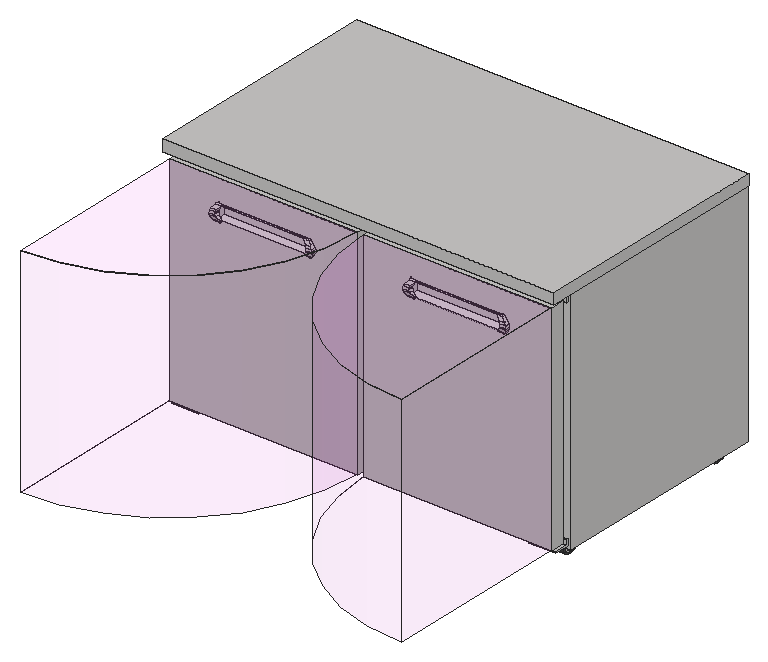
Revit family "Qf_Kelvinator_738336_KCHUC48F-32_2-Door_Under_Counter_Freezer_48_Long_32.5_Tall", category Specialty Equipment, Revit 2021
Family settings
  Round Connector Dimension = Use Diameter
  Part Type = Normal
  Work Plane-Based = No
  Always vertical = Yes
  Cut with Voids When Loaded = No
  Shared = No
  Room Calculation Point = No
Parameters
  Weight in Pounds = 222.667
  Watts = if(Phase = 3, Volts * FL Amps * 1.73, Volts * FL Amps)  # 460 W
  Volts = 115 V
  URL Cutsheet = ""
  Specification by User = ""
  Specification by Manufacturer = ""
  Show Clearance [instance] = yes
  Serial Number = ""
  Seismic Rating = ""
  SMACNA No = ""
  Revision Code = ""
  Refrigerant Type = "R290"
  Phase = 1
  Number of Poles = 1
  NAFEM Spec ID Number = ""
  Model = "738336 (KCHUC48F-32)"
  Min Ckt Ampacity = 0 A
  Max Overcurrent Protection = 0 A
  Masterspec = ""
  Manufacturer = "Kelvinator Commercial"
  Length = 48 1/4"
  Item Number = "738336"
  Installed By = ""
  Identify Quantity as Lot = yes
  Height = 32 1/16"
  HP = "1/3"
  Furnished By = ""
  Foodservice Equipment Identifier = yes
  FL Amps = 4 A
  Electrical Remarks = ""
  Electric Connection Type = ""
  Elec Conn RI Height = 0"
  Elec Conn Connection Height = 0"
  Description = "2-Door Under Counter Freezer 48\" Long 32.5\" Tall"
  Depth = 29 15/16"
  Default Elevation = 0"
  Cycle = 60 Hz
  Conn Plug = "5-15P"
  Conn Conduit = yes
  CSI MasterFormat = ""
  Apparent Power = if(Phase = 3, Volts * FL Amps * 1.73, Volts * FL Amps)  # 460 VA
Reference planes (in)
  plane 1 "BACK": y = 0
  plane 2: z = 0
  plane 3 "LEFT": x = 0
  plane 4 "RIGHT": x = 48.25
  plane 5 "FRONT": y = -29.9375
  plane 6 "TOP": z = 32.0625
  plane 7 "Center Y": x = 24.125
  plane 8 "Center X": y = -14.96875
  plane 9 "Base Height": z = 2.3622
  plane 10: x = 43.91929
  plane 11: x = 48.25
  plane 12: y = -29.9375
  plane 13: z = 32.0625
Forms (in)
  Extrusion 1, solid, material "QF_Metal - Stainless - Polished"
    sketch origin (0, 0, 32.0625) x (-1, 0, 0) y (0, -1, 0)
      loop
        line (0, 0) -> (0, 29.9375) -> (-48.25, 29.9375) -> (-48.25, 0) -> (0, 0)
    from 0 to -1.37795
  Extrusion 2, solid, material "QF_Metal - Stainless - Polished"
    sketch origin (48.25, 0, 32.0625) x (0, -1, 0) y (0, 0, -1)
      loop
        line (0, 1.37795) -> (27.19734, 1.37795) -> (27.19734, 29.72441) -> (11.81102, 29.72441) -> (11.81102, 20.19685) -> (0, 20.19685) -> (0, 1.37795)
    from -2.30315 to -45.9252
  Extrusion 3, solid, material "QF_Metal - Stainless - Polished"
    sketch origin (0, 0, 0) x (1, 0, 0) y (0, 0, 1)
      loop
        line (2.3248, 2.3622) -> (2.3248, 30.68455) -> (0.09843, 30.68455) -> (0.09843, 2.3622) -> (2.3248, 2.3622)
      loop
        line (48.15157, 30.68455) -> (45.94685, 30.68455) -> (45.94685, 2.3622) -> (48.15157, 2.3622) -> (48.15157, 30.68455)
    from 0 to 27.1811
  Extrusion 4, solid, material "QF_Metal - Stainless - Polished"
    sketch origin (0, 0, 0) x (0, 1, 0) y (0, 0, 1)
      loop
        arc (-27.19734, 30.18848) -> (-27.255, 30.32768) -> (-27.39419, 30.38533) r 0.19685
        line (-27.39419, 30.38533) -> (-29.10285, 30.38533) -> (-29.10285, 30.26722) -> (-27.31545, 30.26722) -> (-27.31545, 29.6373) -> (-27.19734, 29.6373) -> (-27.19734, 30.18848)
    from 0.45276 to 3.75984
  Extrusion 5, solid, material "QF_Metal - Stainless - Polished"
    sketch origin (0, -27.1811, 0) x (1, 0, 0) y (0, 0, 1)
      loop
        line (23.74213, 29.93652) -> (0.61024, 29.93652) -> (0.61024, 3.16929) -> (23.74213, 3.16929) -> (23.74213, 29.93652)
      loop
        line (24.52953, 29.93652) -> (24.52953, 3.16929) -> (47.63976, 3.16929) -> (47.63976, 29.93652) -> (24.52953, 29.93652)
    from 0.61024 to 2.3937
  Revolve 6, solid, material "QF_Metal - Stainless - Polished"
    sketch origin (1.20079, -180, 31.37695) x (0, 0, 1) y (0, -1, 0)
      loop
        line (-1.44043, -151.30069) -> (-1.44043, -151.43848) -> (-0.99161, -151.43848)
        arc (-0.99161, -151.43848) -> (-0.95643, -151.42391) -> (-0.94186, -151.38873) r 0.04975
        line (-0.94186, -151.38873) -> (-0.94186, -151.30069) -> (-1.44043, -151.30069)
      axis (-0.94186, -151.30069) -> (-1.44043, -151.30069)
    angle from 0 to 360
  Extrusion 7, solid, material "QF_Metal - Stainless - Polished"
    sketch origin (48.22835, 0, 0) x (0, 1, 0) y (0, 0, -1)
      loop
        line (-27.19734, -30.18848) -> (-27.19734, -29.6373) -> (-27.31545, -29.6373) -> (-27.31545, -30.26722) -> (-29.10285, -30.26722) -> (-29.10285, -30.38533) -> (-27.39419, -30.38533)
        arc (-27.39419, -30.38533) -> (-27.255, -30.32768) -> (-27.19734, -30.18848) r 0.19685
    from 0.45276 to 3.75984
  Revolve 8, solid, material "QF_Metal - Stainless - Polished"
    sketch origin (47.02756, -180, 31.37695) x (0, 0, 1) y (0, 1, 0)
      loop
        line (-1.44043, 151.30069) -> (-0.94186, 151.30069) -> (-0.94186, 151.38873)
        arc (-0.94186, 151.38873) -> (-0.95643, 151.42391) -> (-0.99161, 151.43848) r 0.04975
        line (-0.99161, 151.43848) -> (-1.44043, 151.43848) -> (-1.44043, 151.30069)
      axis (-0.94186, 151.30069) -> (-1.44043, 151.30069)
    angle from 0 to 360
  Extrusion 9, solid, material "QF_Metal - Stainless - Polished"
    sketch origin (0, 0, 33.12992) x (0, 1, 0) y (0, 0, 1)
      loop
        line (-27.19734, -30.2126) -> (-27.19734, -29.66142) -> (-27.31545, -29.66142) -> (-27.31545, -30.29134) -> (-29.10285, -30.29134) -> (-29.10285, -30.40945) -> (-27.39419, -30.40945)
        arc (-27.39419, -30.40945) -> (-27.255, -30.35179) -> (-27.19734, -30.2126) r 0.19685
    from 0.45276 to 3.75984
  Revolve 10, solid, material "QF_Metal - Stainless - Polished"
    sketch origin (1.20079, -180, 1.75298) x (0, 0, -1) y (0, 1, 0)
      loop
        line (-1.41632, 151.30069) -> (-0.91774, 151.30069) -> (-0.91774, 151.38873)
        arc (-0.91774, 151.38873) -> (-0.93232, 151.42391) -> (-0.9675, 151.43848) r 0.04975
        line (-0.9675, 151.43848) -> (-1.41632, 151.43848) -> (-1.41632, 151.30069)
      axis (-0.91774, 151.30069) -> (-1.41632, 151.30069)
    angle from 0 to 360
  Extrusion 11, solid, material "QF_Metal - Stainless - Polished"
    sketch origin (48.22835, 0, 33.12992) x (0, 1, 0) y (0, 0, -1)
      loop
        arc (-27.19734, 30.2126) -> (-27.255, 30.35179) -> (-27.39419, 30.40945) r 0.19685
        line (-27.39419, 30.40945) -> (-29.10285, 30.40945) -> (-29.10285, 30.29134) -> (-27.31545, 30.29134) -> (-27.31545, 29.66142) -> (-27.19734, 29.66142) -> (-27.19734, 30.2126)
    from 0.45276 to 3.75984
  Revolve 12, solid, material "QF_Metal - Stainless - Polished"
    sketch origin (47.02756, -180, 1.75298) x (0, 0, -1) y (0, -1, 0)
      loop
        line (-1.41632, -151.30069) -> (-1.41632, -151.43848) -> (-0.9675, -151.43848)
        arc (-0.9675, -151.43848) -> (-0.93232, -151.42391) -> (-0.91774, -151.38873) r 0.04975
        line (-0.91774, -151.38873) -> (-0.91774, -151.30069) -> (-1.41632, -151.30069)
      axis (-0.91774, -151.30069) -> (-1.41632, -151.30069)
    angle from 0 to 360
  Extrusion 13, void
    sketch origin (0.61024, -27.1811, 3.16929) x (0, 0, 1) y (0, 1, 0)
      loop
        line (24.02707, -2.3937) -> (24.64805, -2.10413) -> (24.64805, -1.51358) -> (22.3486, -1.51358) -> (22.11277, -2.3937) -> (22.11277, -2.89858) -> (24.02707, -2.89858) -> (24.02707, -2.3937)
    from -5.95737 to -17.20361
  Extrusion 14, solid, material "QF_Metal - Stainless - Polished"
    sketch origin (0.61024, -27.1811, 3.16929) x (0, 0, 1) y (0, 1, 0)
      loop
        arc (23.19749, -2.88583) -> (23.3123, -2.87427) -> (23.4225, -2.84005) r 0.57588
        line (23.4225, -2.84005) -> (23.98155, -2.60275)
        arc (23.98155, -2.60275) -> (24.01481, -2.5711) -> (24.02707, -2.52684) r 0.08605
        line (24.02707, -2.52684) -> (24.02707, -2.3937) -> (22.05856, -2.3937) -> (22.05856, -2.52684)
        arc (22.05856, -2.52684) -> (22.07082, -2.5711) -> (22.10408, -2.60275) r 0.08605
        line (22.10408, -2.60275) -> (22.66311, -2.84004)
        arc (22.66311, -2.84004) -> (22.77333, -2.87426) -> (22.88816, -2.88583) r 0.57598
        line (22.88816, -2.88583) -> (23.19749, -2.88583)
    from -5.01972 to -18.08409
  Extrusion 15, void
    sketch origin (0, -29.5748, 0) x (1, 0, 0) y (0, 0, 1)
      loop
        arc (6.17507, 25.27474) -> (6.21236, 25.24033) -> (6.26155, 25.22785) r 0.10321
        line (6.26155, 25.22785) -> (6.99338, 25.22785)
        arc (6.99338, 25.22785) -> (7.02283, 25.24539) -> (7.02145, 25.27963) r 0.0335
        line (7.02145, 25.27963) -> (6.65868, 25.83666)
        arc (6.65868, 25.83666) -> (6.59086, 25.98342) -> (6.56761, 26.14341) r 0.5621
        line (6.56761, 26.14341) -> (6.56761, 26.26603)
        arc (6.56761, 26.26603) -> (6.5829, 26.36539) -> (6.62737, 26.45557) r 0.33045
        line (6.62737, 26.45557) -> (7.04008, 27.04498)
        arc (7.04008, 27.04498) -> (7.11044, 27.10668) -> (7.20133, 27.12892) r 0.19685
        line (7.20133, 27.12892) -> (17.16826, 27.12892)
        arc (17.16826, 27.12892) -> (17.25915, 27.10668) -> (17.32951, 27.04498) r 0.19685
        line (17.32951, 27.04498) -> (17.74222, 26.45557)
        arc (17.74222, 26.45557) -> (17.78669, 26.36539) -> (17.80198, 26.26603) r 0.33045
        line (17.80198, 26.26603) -> (17.80198, 26.14341)
        arc (17.80198, 26.14341) -> (17.77873, 25.98342) -> (17.7109, 25.83666) r 0.5621
        line (17.7109, 25.83666) -> (17.34814, 25.27963)
        arc (17.34814, 25.27963) -> (17.34676, 25.24539) -> (17.37621, 25.22785) r 0.0335
        line (17.37621, 25.22785) -> (18.10804, 25.22785)
        arc (18.10804, 25.22785) -> (18.15722, 25.24033) -> (18.19452, 25.27474) r 0.10321
        line (18.19452, 25.27474) -> (18.4867, 25.7234)
        arc (18.4867, 25.7234) -> (18.53653, 25.83769) -> (18.54635, 25.96198) r 0.37698
        line (18.54635, 25.96198) -> (18.523, 26.22889)
        arc (18.523, 26.22889) -> (18.50292, 26.31948) -> (18.46007, 26.40178) r 0.35543
        line (18.46007, 26.40178) -> (17.95978, 27.11628)
        arc (17.95978, 27.11628) -> (17.89266, 27.17514) -> (17.80594, 27.19636) r 0.1878
        line (17.80594, 27.19636) -> (6.56365, 27.19636)
        arc (6.56365, 27.19636) -> (6.47693, 27.17514) -> (6.40981, 27.11627) r 0.1878
        line (6.40981, 27.11627) -> (5.90952, 26.40178)
        arc (5.90952, 26.40178) -> (5.86667, 26.31948) -> (5.84659, 26.22889) r 0.35543
        line (5.84659, 26.22889) -> (5.82324, 25.96198)
        arc (5.82324, 25.96198) -> (5.83306, 25.83769) -> (5.88288, 25.7234) r 0.37698
        line (5.88288, 25.7234) -> (6.17507, 25.27474)
      loop
        line (5.45539, 27.68437) -> (5.45539, 24.80641) -> (18.89697, 24.80641) -> (18.89697, 27.68437) -> (5.45539, 27.68437)
      loop
        line (42.07493, 25.27474) -> (42.36712, 25.7234)
        arc (42.36712, 25.7234) -> (42.41694, 25.83769) -> (42.42676, 25.96198) r 0.37698
        line (42.42676, 25.96198) -> (42.40341, 26.22889)
        arc (42.40341, 26.22889) -> (42.38333, 26.31948) -> (42.34048, 26.40178) r 0.35543
        line (42.34048, 26.40178) -> (41.84019, 27.11627)
        arc (41.84019, 27.11627) -> (41.77307, 27.17514) -> (41.68635, 27.19636) r 0.1878
        line (41.68635, 27.19636) -> (30.46571, 27.19636)
        arc (30.46571, 27.19636) -> (30.379, 27.17514) -> (30.31188, 27.11628) r 0.1878
        line (30.31188, 27.11628) -> (29.81158, 26.40178)
        arc (29.81158, 26.40178) -> (29.76874, 26.31948) -> (29.74865, 26.22889) r 0.35543
        line (29.74865, 26.22889) -> (29.7253, 25.96198)
        arc (29.7253, 25.96198) -> (29.73512, 25.83769) -> (29.78495, 25.7234) r 0.37698
        line (29.78495, 25.7234) -> (30.07713, 25.27474)
        arc (30.07713, 25.27474) -> (30.11443, 25.24033) -> (30.16362, 25.22785) r 0.10321
        line (30.16362, 25.22785) -> (30.89544, 25.22785)
        arc (30.89544, 25.22785) -> (30.92489, 25.24539) -> (30.92351, 25.27963) r 0.0335
        line (30.92351, 25.27963) -> (30.56075, 25.83666)
        arc (30.56075, 25.83666) -> (30.49292, 25.98342) -> (30.46967, 26.14341) r 0.5621
        line (30.46967, 26.14341) -> (30.46967, 26.26603)
        arc (30.46967, 26.26603) -> (30.48497, 26.36539) -> (30.52943, 26.45557) r 0.33045
        line (30.52943, 26.45557) -> (30.94215, 27.04498)
        arc (30.94215, 27.04498) -> (31.0125, 27.10668) -> (31.1034, 27.12892) r 0.19685
        line (31.1034, 27.12892) -> (41.04867, 27.12892)
        arc (41.04867, 27.12892) -> (41.13956, 27.10668) -> (41.20992, 27.04498) r 0.19685
        line (41.20992, 27.04498) -> (41.62263, 26.45557)
        arc (41.62263, 26.45557) -> (41.6671, 26.36539) -> (41.68239, 26.26603) r 0.33045
        line (41.68239, 26.26603) -> (41.68239, 26.14341)
        arc (41.68239, 26.14341) -> (41.65914, 25.98342) -> (41.59132, 25.83666) r 0.5621
        line (41.59132, 25.83666) -> (41.22855, 25.27963)
        arc (41.22855, 25.27963) -> (41.22717, 25.24539) -> (41.25662, 25.22785) r 0.0335
        line (41.25662, 25.22785) -> (41.98845, 25.22785)
        arc (41.98845, 25.22785) -> (42.03764, 25.24033) -> (42.07493, 25.27474) r 0.10321
      loop
        line (42.79461, 27.68437) -> (29.37468, 27.68437) -> (29.37468, 24.80641) -> (42.79461, 24.80641) -> (42.79461, 27.68437)
    from 0 to 0.84096
  Extrusion 16, void
    sketch origin (35.80709, -27.1811, 30.40945) x (0, 0, 1) y (0, -1, 0)
      loop
        line (-3.21309, 2.40994) -> (-3.21309, 2.91482) -> (-5.12739, 2.91482) -> (-5.12739, 2.40994) -> (-4.89156, 1.52982) -> (-2.59211, 1.52982) -> (-2.59211, 2.12037) -> (-3.21309, 2.40994)
    from 5.85365 to -5.47244
  Extrusion 17, solid, material "QF_Metal - Stainless - Polished"
    sketch origin (47.63976, -27.1811, 3.16929) x (0, 0, 1) y (0, -1, 0)
      loop
        line (23.98155, 2.60275) -> (23.4225, 2.84005)
        arc (23.4225, 2.84005) -> (23.3123, 2.87427) -> (23.19749, 2.88583) r 0.57588
        line (23.19749, 2.88583) -> (22.88816, 2.88583)
        arc (22.88816, 2.88583) -> (22.77333, 2.87426) -> (22.66311, 2.84004) r 0.57598
        line (22.66311, 2.84004) -> (22.10408, 2.60275)
        arc (22.10408, 2.60275) -> (22.07082, 2.5711) -> (22.05856, 2.52684) r 0.08605
        line (22.05856, 2.52684) -> (22.05856, 2.3937) -> (24.02707, 2.3937) -> (24.02707, 2.52684)
        arc (24.02707, 2.52684) -> (24.01481, 2.5711) -> (23.98155, 2.60275) r 0.08605
    from -5.02735 to -18.07454
  Extrusion 18, solid, material "QF_Metal - Stainless - Polished"
    sketch origin (0.09843, 0, 2.3622) x (0, 0, 1) y (0, 1, 0)
      loop
        line (0, -11.81102) -> (0, 0) -> (-0.70866, 0) -> (-0.70866, -0.31496) -> (-0.64961, -0.31496) -> (-0.64961, -0.05906) -> (-0.05906, -0.05906) -> (-0.05906, -11.75197) -> (-0.64961, -11.75197) -> (-0.64961, -11.49606) -> (-0.70866, -11.49606) -> (-0.70866, -11.81102) -> (0, -11.81102)
      loop
        line (0, -27.02362) -> (0, -21.82677) -> (-0.70866, -21.82677) -> (-0.70866, -22.14173) -> (-0.64961, -22.14173) -> (-0.64961, -21.88583) -> (-0.05906, -21.88583) -> (-0.05906, -27.02362) -> (0, -27.02362)
    from -0.94882 to -47.08268
  Extrusion 19, solid, material "QF_Metal - Stainless - Polished"
    sketch origin (0, 0, 0) x (-1, 0, 0) y (0, 0, 1)
      loop
        line (-2.3248, 11.88976) -> (-45.94685, 11.88976) -> (-45.94685, 2.3622) -> (-2.3248, 2.3622) -> (-2.3248, 11.88976)
    from 0 to -0.0626
  Extrusion 20, solid, material "QF_Rubber - Black - Smooth"
    sketch origin (-0.3937, 0, 0) x (-1, 0, 0) y (0, 0, 1)
      loop
        circle (-44.31299, 10.77165) r 0.25
    from 0 to 0.0626
  Extrusion 21, solid, material "QF_Clearances_Door_Drawer", visible <- "Show Clearance"
    sketch origin (24.52953, -27.1811, 3.16929) x (0, -1, 0) y (-1, 0, 0)
      loop
        line (2.3937, 0) -> (2.3937, -23.11024) -> (25.50394, -23.11024)
        arc (25.50394, -23.11024) -> (18.73511, -6.76883) -> (2.3937, 0) r 23.11024
      loop
        arc (2.3937, 0.7874) -> (18.73511, 7.55623) -> (25.50394, 23.89764) r 23.11024
        line (25.50394, 23.89764) -> (2.3937, 23.89764) -> (2.3937, 0.7874)
    from 0 to -26.79134
  Extrusion 22, solid, material "QF_Rubber - Black - Smooth"
    sketch origin (0, -27.79134, 0) x (-1, 0, 0) y (0, 0, 1)
      loop
        line (-1.11024, 29.43652) -> (-23.24213, 29.43652) -> (-23.24213, 3.66929) -> (-1.11024, 3.66929) -> (-1.11024, 29.43652)
      loop
        line (-47.13976, 29.43652) -> (-47.13976, 3.66929) -> (-25.02953, 3.66929) -> (-25.02953, 29.43652) -> (-47.13976, 29.43652)
    from 0 to 0.61024
Cuts and joins
  joined: Extrusion 2, Extrusion 3
  Extrusion 13, Extrusion 16 cuts Extrusion 5
  Extrusion 15, Extrusion 16 cuts Extrusion 14
  Extrusion 15 cuts Extrusion 17
Lines and regions (in)
  symbolic lines
    curve 1: line (0, 0, 32.0625) -> (48.25, 0, 32.0625)
    curve 2: line (0, -29.9375, 32.0625) -> (0, 0, 32.0625)
    curve 3: line (48.25, -29.9375, 32.0625) -> (0, -29.9375, 32.0625)
    curve 4: line (48.25, 0, 32.0625) -> (48.25, -29.9375, 32.0625)
  symbolic lines, style "QF_Clearances_Door_Drawer", visible <- "Show Clearance"
    curve 5: line (47.03968, -29.9375, 32.0625) -> (27.61489, -41.14616, 32.0625)
    curve 6: arc (27.61489, -41.14616, 32.0625) -> (25.35268, -35.73939, 32.0625) -> (24.52275, -29.9375, 32.0625) r 23.11961
    curve 7: line (1.21032, -29.9375, 32.0625) -> (20.63511, -41.14616, 32.0625)
    curve 8: arc (20.63511, -41.14616, 32.0625) -> (22.89732, -35.73939, 32.0625) -> (23.72725, -29.9375, 32.0625) r 23.11961
Dimensions and locks (in)
  equal spacing: plane 3 "LEFT", plane 7 "Center Y", plane 4 "RIGHT"
  plane 3 "LEFT" to plane 4 "RIGHT" = 48 1/4"
  equal spacing: plane 5 "FRONT", plane 8 "Center X", plane 1 "BACK"
  plane 5 "FRONT" to plane 1 "BACK" = 29 15/16"
  plane 6 "TOP" to level = 32 1/16"
  plane 9 "Base Height" to level = 2.3622"
  plane 6 "TOP" to plane 9 "Base Height" = 29.7003"
  plane 10 to plane 4 "RIGHT" = 4.33071"
  plane 3 "LEFT" to plane 11 = 48 1/4"
  plane 12 to plane 1 "BACK" = 29 15/16"
  plane 13 to level = 32 1/16"
  aligned and locked: level to plane 2
Automatic sketch dimensions
  plane 1 "BACK" to Extrusion 1 sketch curve = 0"
  Extrusion 1 sketch curve to plane 4 "RIGHT" = 0"
  Extrusion 1 sketch curve to plane 3 "LEFT" = 0"
  plane 5 "FRONT" to Extrusion 1 sketch curve = 0"
  Extrusion 2 sketch curve to Extrusion 1 = 0"  (x2)
  Extrusion 1 to Extrusion 2 sketch curve = 11.81102"
  Extrusion 1 to Extrusion 2 sketch curve = 2.74016"
  Extrusion 2 sketch curve to Extrusion 1 = 18.8189"
  Extrusion 2 sketch curve to Extrusion 2 sketch curve = 9.52756"
  Extrusion 3 sketch curve to plane 9 "Base Height" = 0"  (x2)
  plane 3 "LEFT" to Extrusion 3 sketch curve = 0.09843"
  Extrusion 3 sketch curve to Extrusion 3 sketch curve = 2.22638"
  plane 4 "RIGHT" to Extrusion 3 sketch curve = 2.30315"
  plane 4 "RIGHT" to Extrusion 3 sketch curve = 0.09843"
  Extrusion 3 sketch curve to plane 6 "TOP" = 1.37795"  (x2)
  Extrusion 4 sketch curve to plane 5 "FRONT" = 0.83465"
  Extrusion 4 sketch curve to Extrusion 4 sketch curve = 1.70866"
  Extrusion 4 sketch curve to Extrusion 4 sketch curve = 0.07874"
  Extrusion 4 sketch curve to Extrusion 4 sketch curve = 0.11811"  (x2)
  Extrusion 4 sketch curve to plane 6 "TOP" = 2.4252"
  Extrusion 4 sketch curve to Extrusion 4 sketch curve = 0.55118"
  Revolve 6 sketch curve to plane 6 "TOP" = 2.12598"
  Revolve 6 sketch curve to Revolve 6 sketch curve = 0.44882"
  Revolve 6 sketch curve to Revolve 6 sketch curve = 0.04975"
  Revolve 6 sketch curve to plane 5 "FRONT" = 1.37598"
  Revolve 6 sketch curve to Revolve 6 sketch curve = 0.1378"
  Revolve 6 sketch curve to Revolve 6 sketch curve = 0.68421"
  Revolve 6 sketch curve to Revolve 6 sketch curve = 0"  (x2)
  Extrusion 7 sketch curve to plane 5 "FRONT" = 0.83465"
  Extrusion 7 sketch curve to Extrusion 7 sketch curve = 1.70866"
  Extrusion 7 sketch curve to Extrusion 7 sketch curve = 0.07874"  (x2)
  Extrusion 7 sketch curve to Extrusion 7 sketch curve = 0.11811"
  Extrusion 7 sketch curve to plane 6 "TOP" = 1.67717"
  Extrusion 7 sketch curve to Extrusion 7 sketch curve = 0.55118"
  Revolve 8 sketch curve to plane 6 "TOP" = 2.12598"
  Revolve 8 sketch curve to Revolve 8 sketch curve = 0.44882"
  Revolve 8 sketch curve to Revolve 8 sketch curve = 0.04975"
  Revolve 8 sketch curve to plane 5 "FRONT" = 1.23819"
  Revolve 8 sketch curve to Revolve 8 sketch curve = 0.08804"
  Revolve 8 sketch curve to Revolve 8 sketch curve = 0.68421"
  Revolve 8 sketch curve to Revolve 8 sketch curve = 0"  (x2)
  Extrusion 9 sketch curve to plane 5 "FRONT" = 0.83465"
  plane 9 "Base Height" to Extrusion 9 sketch curve = 0.35827"
  Extrusion 9 sketch curve to Extrusion 9 sketch curve = 1.70866"
  Extrusion 9 sketch curve to Extrusion 9 sketch curve = 0.07874"  (x2)
  Extrusion 9 sketch curve to Extrusion 9 sketch curve = 0.11811"
  Extrusion 9 sketch curve to Extrusion 9 sketch curve = 0.55118"
  plane 9 "Base Height" to Revolve 10 sketch curve = 0.80709"
  plane 9 "Base Height" to Revolve 10 sketch curve = 0.35827"
  Revolve 10 sketch curve to Revolve 10 sketch curve = 0.04975"
  Revolve 10 sketch curve to plane 5 "FRONT" = 1.23819"
  Revolve 10 sketch curve to Revolve 10 sketch curve = 0.08804"
  Revolve 10 sketch curve to Revolve 10 sketch curve = 0.68421"
  Revolve 10 sketch curve to Revolve 10 sketch curve = 0"  (x2)
  Extrusion 11 sketch curve to plane 5 "FRONT" = 0.83465"
  plane 9 "Base Height" to Extrusion 11 sketch curve = 0.35827"
  Extrusion 11 sketch curve to Extrusion 11 sketch curve = 1.70866"
  Extrusion 11 sketch curve to Extrusion 11 sketch curve = 0.07874"
  Extrusion 11 sketch curve to Extrusion 11 sketch curve = 0.11811"  (x2)
  Extrusion 11 sketch curve to Extrusion 11 sketch curve = 0.55118"
  plane 9 "Base Height" to Revolve 12 sketch curve = 0.80709"
  plane 9 "Base Height" to Revolve 12 sketch curve = 0.35827"
  Revolve 12 sketch curve to Revolve 12 sketch curve = 0.04975"
  Revolve 12 sketch curve to plane 5 "FRONT" = 1.37598"
  Revolve 12 sketch curve to Revolve 12 sketch curve = 0.1378"
  Revolve 12 sketch curve to Revolve 12 sketch curve = 0.68421"
  Revolve 12 sketch curve to Revolve 12 sketch curve = 0"  (x2)
  Extrusion 13 sketch curve to Extrusion 5 = 0"  (x2)
  Extrusion 5 to Extrusion 13 sketch curve = 4.65445"
  Extrusion 13 sketch curve to Extrusion 13 sketch curve = 0.23583"
  Extrusion 13 sketch curve to Extrusion 13 sketch curve = 1.67847"
  Extrusion 5 to Extrusion 13 sketch curve = 0.28957"
  Extrusion 13 sketch curve to Extrusion 13 sketch curve = 0.62098"
  Extrusion 13 sketch curve to Extrusion 5 = 0.50488"
  Extrusion 13 sketch curve to Extrusion 13 sketch curve = 0.59055"
  Extrusion 14 sketch curve to Extrusion 5 = 0"
  Extrusion 14 sketch curve to Extrusion 5 = 0.13314"  (x2)
  Extrusion 5 to Extrusion 14 sketch curve = 4.70866"
  Extrusion 14 sketch curve to Extrusion 5 = 0.20905"  (x2)
  Extrusion 14 sketch curve to Extrusion 14 sketch curve = 0.04552"
  Extrusion 14 sketch curve to Extrusion 5 = 0.44634"
  Extrusion 14 sketch curve to Extrusion 14 sketch curve = 0.51849"
  Extrusion 14 sketch curve to Extrusion 14 sketch curve = 0.22505"
  Extrusion 14 sketch curve to Extrusion 14 sketch curve = 0.30933"
  Extrusion 14 sketch curve to Extrusion 5 = 0.44635"
  Extrusion 14 sketch curve to Extrusion 14 sketch curve = 0.22501"
  Extrusion 14 sketch curve to Extrusion 14 sketch curve = 0.51851"
  Extrusion 14 sketch curve to Extrusion 14 sketch curve = 0.04053"
  Extrusion 14 sketch curve to Extrusion 14 sketch curve = 0.04578"
  Extrusion 16 sketch curve to plane 5 "FRONT" = 0.34646"  (x2)
  Extrusion 16 sketch curve to plane 6 "TOP" = 6.78044"
  Extrusion 16 sketch curve to Extrusion 16 sketch curve = 0.23583"
  Extrusion 16 sketch curve to Extrusion 16 sketch curve = 1.67847"
  Extrusion 16 sketch curve to Extrusion 16 sketch curve = 0.62098"
  Extrusion 16 sketch curve to plane 5 "FRONT" = 0.63603"
  Extrusion 16 sketch curve to Extrusion 16 sketch curve = 0.88012"
  plane 5 "FRONT" to Extrusion 16 sketch curve = 0.15842"
  Extrusion 17 sketch curve to Extrusion 5 = 0"
  Extrusion 17 sketch curve to Extrusion 5 = 4.70866"
  Extrusion 17 sketch curve to Extrusion 5 = 0.20905"  (x2)
  Extrusion 17 sketch curve to Extrusion 17 sketch curve = 0.04552"
  Extrusion 17 sketch curve to Extrusion 17 sketch curve = 0.04053"  (x2)
  Extrusion 17 sketch curve to Extrusion 5 = 0.44634"
  Extrusion 17 sketch curve to Extrusion 17 sketch curve = 0.51849"
  Extrusion 17 sketch curve to Extrusion 17 sketch curve = 0.22505"
  Extrusion 5 to Extrusion 17 sketch curve = 0.08375"
  Extrusion 17 sketch curve to Extrusion 17 sketch curve = 0.30933"
  Extrusion 17 sketch curve to Extrusion 5 = 0.44635"
  Extrusion 17 sketch curve to Extrusion 17 sketch curve = 0.22501"
  Extrusion 17 sketch curve to Extrusion 5 = 0.13314"
  Extrusion 17 sketch curve to Extrusion 17 sketch curve = 0.51851"
  Extrusion 3 to Extrusion 19 sketch curve = 0"
  Extrusion 19 sketch curve to Extrusion 3 = 0"  (x2)
  Extrusion 19 sketch curve to Extrusion 3 = 9.52756"
  Extrusion 20 sketch curve to Extrusion 19 = 2.02756"
  Extrusion 20 sketch curve to Extrusion 19 = 1.11811"
  Extrusion 22 sketch curve to Extrusion 5 = 1/2"  (x8)
  plane 1 "BACK" to curve 1 = 0"
  curve 1 to plane 4 "RIGHT" = 0"
  plane 5 "FRONT" to curve 6 = 0"
  curve 2 to plane 3 "LEFT" = 0"
  plane 4 "RIGHT" to curve 6 = 0.61024"
  plane 7 "Center Y" to curve 5 = 3.48989"
  curve 7 to plane 7 "Center Y" = 3.48989"
  plane 3 "LEFT" to curve 8 = 0.61024"
  curve 6 to plane 5 "FRONT" = 0.34646"
  curve 8 to plane 5 "FRONT" = 0.34646"
  plane 5 "FRONT" to curve 5 = 11.20866"
  curve 7 to curve 5 = 0"
  curve 6 to curve 5 = 0.60008"
  curve 7 to curve 8 = 0.60008"
  Extrusion 5 sketch curve to Extrusion 3 = 0.51181"  (x2)
  Extrusion 5 sketch curve to Extrusion 3 = 0.74803"  (x2)
  Extrusion 3 to Extrusion 5 sketch curve = 21.41732"
  Extrusion 5 sketch curve to Extrusion 5 sketch curve = 0.7874"
  Extrusion 5 sketch curve to Extrusion 3 = 0.80709"
  Extrusion 5 sketch curve to Extrusion 5 sketch curve = 0"
  Extrusion 18 sketch curve to Extrusion 3 = 0"  (x3)
  Extrusion 18 sketch curve to Extrusion 3 = 0.05906"  (x2)
  Extrusion 3 to Extrusion 18 sketch curve = 0.05906"
  Extrusion 18 sketch curve to Extrusion 18 sketch curve = 0.59055"  (x3)
  Extrusion 18 sketch curve to Extrusion 18 sketch curve = 0.05906"  (x5)
  Extrusion 18 sketch curve to Extrusion 18 sketch curve = 0.25591"  (x3)
  Extrusion 18 sketch curve to Extrusion 18 sketch curve = 11.1811"
  Extrusion 18 sketch curve to Extrusion 18 sketch curve = 10.01575"
  Extrusion 3 to Extrusion 18 sketch curve = 0.15748"
  Extrusion 5 to Extrusion 21 sketch curve = 0"
  Extrusion 21 sketch curve to Extrusion 5 = 0"  (x3)
  Extrusion 5 to Extrusion 21 sketch curve = 23.11024"
  Extrusion 21 sketch curve to Extrusion 5 = 0.7874"
  Extrusion 15 sketch curve to Extrusion 5 = 2.25215"
  Extrusion 15 sketch curve to Extrusion 5 = 4.84515"  (x2)
  Extrusion 15 sketch curve to Extrusion 15 sketch curve = 0.36785"
  Extrusion 15 sketch curve to Extrusion 15 sketch curve = 0.02335"  (x2)
  Extrusion 15 sketch curve to Extrusion 5 = 4.21312"  (x2)
  Extrusion 15 sketch curve to Extrusion 15 sketch curve = 0.05965"  (x4)
  Extrusion 15 sketch curve to Extrusion 5 = 3.53474"  (x2)
  Extrusion 15 sketch curve to Extrusion 15 sketch curve = 0.06293"  (x4)
  Extrusion 15 sketch curve to Extrusion 15 sketch curve = 0.29218"  (x2)
  Extrusion 15 sketch curve to Extrusion 15 sketch curve = 0.3159"  (x4)
  Extrusion 15 sketch curve to Extrusion 15 sketch curve = 0.00189"  (x4)
  Extrusion 15 sketch curve to Extrusion 15 sketch curve = 0.08648"  (x4)
  Extrusion 15 sketch curve to Extrusion 5 = 2.82024"  (x4)
  Extrusion 15 sketch curve to Extrusion 15 sketch curve = 0.5003"  (x2)
  Extrusion 15 sketch curve to Extrusion 15 sketch curve = 0.15384"  (x2)
  Extrusion 15 sketch curve to Extrusion 15 sketch curve = 0.36694"  (x4)
  Extrusion 15 sketch curve to Extrusion 5 = 3.48095"  (x4)
  Extrusion 15 sketch curve to Extrusion 15 sketch curve = 0.05976"  (x4)
  Extrusion 15 sketch curve to Extrusion 5 = 4.09985"  (x2)
  Extrusion 15 sketch curve to Extrusion 15 sketch curve = 0.09108"  (x2)
  Extrusion 15 sketch curve to Extrusion 15 sketch curve = 0.27069"  (x4)
  Extrusion 15 sketch curve to Extrusion 15 sketch curve = 0.3347"  (x2)
  Extrusion 15 sketch curve to Extrusion 5 = 4.65689"  (x4)
  Extrusion 15 sketch curve to Extrusion 15 sketch curve = 0.02807"  (x4)
  Extrusion 15 sketch curve to Extrusion 5 = 2.89154"  (x4)
  Extrusion 15 sketch curve to Extrusion 15 sketch curve = 0.47643"  (x2)
  Extrusion 15 sketch curve to Extrusion 15 sketch curve = 0.23164"  (x4)
  Extrusion 15 sketch curve to Extrusion 15 sketch curve = 0.16125"  (x4)
  Extrusion 15 sketch curve to Extrusion 5 = 6.57387"
  Extrusion 15 sketch curve to Extrusion 15 sketch curve = 0.07163"  (x2)
  Extrusion 15 sketch curve to Extrusion 15 sketch curve = 0.10826"  (x2)
  Extrusion 15 sketch curve to Extrusion 15 sketch curve = 0.23938"  (x2)
  Extrusion 15 sketch curve to Extrusion 15 sketch curve = 0.47644"  (x2)
  Extrusion 15 sketch curve to Extrusion 15 sketch curve = 0.15383"  (x2)
  Extrusion 15 sketch curve to Extrusion 15 sketch curve = 0.39713"  (x2)
  Extrusion 15 sketch curve to Extrusion 15 sketch curve = 0.29115"  (x2)
  Extrusion 15 sketch curve to Extrusion 5 = 3.70763"  (x2)
  Extrusion 15 sketch curve to Extrusion 5 = 3.97454"  (x2)
  Extrusion 15 sketch curve to Extrusion 15 sketch curve = 0.9372"
  Extrusion 15 sketch curve to Extrusion 15 sketch curve = 0.35062"
  Extrusion 15 sketch curve to Extrusion 5 = 3.00444"
  Extrusion 15 sketch curve to Extrusion 5 = 6.5911"
  Extrusion 15 sketch curve to Extrusion 15 sketch curve = 0.71968"
  Extrusion 15 sketch curve to Extrusion 15 sketch curve = 0.44866"  (x2)
  Extrusion 15 sketch curve to Extrusion 15 sketch curve = 0.68724"  (x2)
  Extrusion 15 sketch curve to Extrusion 15 sketch curve = 0.01828"  (x4)
  Extrusion 15 sketch curve to Extrusion 15 sketch curve = 0.46833"  (x2)
  Extrusion 15 sketch curve to Extrusion 15 sketch curve = 0.23858"  (x2)
  Extrusion 15 sketch curve to Extrusion 15 sketch curve = 0.42936"  (x2)
  Extrusion 15 sketch curve to Extrusion 15 sketch curve = 0.20572"  (x2)
  Extrusion 15 sketch curve to Extrusion 15 sketch curve = 0.26879"  (x4)
  Extrusion 15 sketch curve to Extrusion 15 sketch curve = 0.11291"
  Extrusion 15 sketch curve to Extrusion 15 sketch curve = 0.10772"  (x2)
  Extrusion 15 sketch curve to Extrusion 15 sketch curve = 0.56809"
  radius of Extrusion 20 sketch curve = 1/4"
Nested families (in)
  nested 1: "2 INCHES_CASTER" at (45.25197, -2.16535, 0), type "2 INCHES_CASTER"
    with Type Mark "", Specification by User "", Revision Code "", Item Number "", Installed By "", Identify Quantity as Lot yes, Furnished By "", Foodservice Equipment Identifier yes, 2.5 Inches Caster yes
  nested 2: "2 INCHES_CASTER" at (45.25197, -25.01575, 0), type "2 INCHES_CASTER"
    with Type Mark "", Specification by User "", Revision Code "", Item Number "", Installed By "", Identify Quantity as Lot yes, Furnished By "", Foodservice Equipment Identifier yes, 2.5 Inches Caster yes
  nested 3: "2 INCHES_CASTER" at (2.97638, -2.16535, 0), type "2 INCHES_CASTER"
    with Type Mark "", Specification by User "", Revision Code "", Item Number "", Installed By "", Identify Quantity as Lot yes, Furnished By "", Foodservice Equipment Identifier yes, 2.5 Inches Caster yes
  nested 4: "2 INCHES_CASTER" at (2.97638, -25.01575, 0), type "2 INCHES_CASTER"
    with Type Mark "", Specification by User "", Revision Code "", Item Number "", Installed By "", Identify Quantity as Lot yes, Furnished By "", Foodservice Equipment Identifier yes, 2.5 Inches Caster yes
Connectors (in)
  electrical at (43.91929, 0.0626, 10.77165), driven by "Volts"
    settings: on Extrusion 20, index 1, voltage 115 V, apparent load 0 VA, apparent load phase1 0 VA, apparent load phase2 0 VA, apparent load phase3 0 VA, power factor 1, load classification "Other", number of poles 1, system type 30, power factor state 1, is connector primary yes, connector utility no, sub classification motor no, connector description "Electrical Connection"
Definition of nested family "2 INCHES_CASTER"
  Parameters (values of type "2 INCHES_CASTER")
    Weight = ""
    URL Manufacturer = ""
    URL Cutsheet = ""
    URL = ""
    Type Mark [instance] = ""
    Specification by User [instance] = ""
    Specification by Manufacturer = ""
    Serial Number = ""
    Seismic Rating = ""
    SMACNA No = ""
    Revision Code [instance] = ""
    Omniclass Number and Title = ""
    NAFEM Spec ID Number = ""
    Model = ""
    MasterSpec. = ""
    Manufacturer = ""
    Item Number [instance] = ""
    Installed By [instance] = ""
    Identify Quantity as Lot [instance] = yes
    Furnished By [instance] = ""
    Foodservice Equipment Identifier [instance] = yes
    Description = ""
    Default Elevation = 0"
    CSI MasterFormat = ""
    CSI Master Format = ""
    Assembly Code = ""
    2.5 Inches Caster [instance] = yes
  Reference planes (in)
    plane 1: z = 0
    plane 2 "RIGHT": x = 0
    plane 3 "FRONT": y = 0
    plane 4 "TOP": z = 2.30315
  Forms (in)
    Revolve 1, solid, visible <- "2.5 Inches Caster"
      sketch origin (-1.93794, 0.46818, -1.0041) x (1, 0, 0) y (0, 0, 1)
        loop
          line (0.74055, 1.86347) -> (0.74055, 1.78797) -> (0.79055, 1.73797) -> (0.85055, 1.73797) -> (0.85055, 1.6179) -> (1.235, 1.6179) -> (1.235, 1.55055) -> (1.38673, 1.46295) -> (1.4003, 1.3791) -> (1.34375, 1.3791) -> (1.34375, 1.2541) -> (1.375, 1.2541) -> (1.375, 1.0041) -> (2.48438, 1.0041) -> (2.48438, 1.2541) -> (2.51563, 1.2541) -> (2.51563, 1.3791) -> (2.45908, 1.3791) -> (2.47322, 1.46647) -> (2.62438, 1.55374) -> (2.62438, 1.6179) -> (3.04007, 1.6179) -> (3.04007, 1.73797) -> (3.10007, 1.73797) -> (3.15007, 1.78797) -> (3.15007, 1.86347) -> (0.74055, 1.86347)
        axis (0.74055, 1.86347) -> (3.15007, 1.86347)
      angle from 0 to 360
    Extrusion 2, solid, visible <- "2.5 Inches Caster"
      sketch origin (-1.93794, 1.43296, -3.41527) x (0, 1, 0) y (0, 0, 1)
        loop
          line (-0.64294, 5.3791) -> (-2.21294, 5.3791) -> (-2.21294, 5.24769) -> (-1.37414, 5.24769)
          arc (-1.37414, 5.24769) -> (-0.62115, 5.15851) -> (0.05138, 4.80832) r 2.10495
          line (0.05138, 4.80832) -> (0.12713, 4.91318)
          arc (0.12713, 4.91318) -> (-0.07255, 5.06376) -> (-0.29048, 5.18644) r 1.8753
          line (-0.29048, 5.18644) -> (-0.22239, 5.30423)
          arc (-0.22239, 5.30423) -> (-0.42936, 5.36024) -> (-0.64294, 5.3791) r 1.21859
      from 1.17357 to 2.70231
    Revolve 3, solid, visible <- "2.5 Inches Caster"
      sketch origin (0, 1.73858, -3.75) x (0, 1, 0) y (0, 0, 1)
        loop
          line (-1.73858, 5.71382) -> (-1.05793, 5.71382) -> (-1.05793, 6.05315) -> (-1.73858, 6.05315) -> (-1.73858, 5.71382)
        axis (-1.73858, 5.71382) -> (-1.73858, 6.05315)
      angle from 0 to 360
    Extrusion 4, solid, visible <- "2.5 Inches Caster"
      sketch origin (-1.98481, 1.43296, -1.7541) x (0, 1, 0) y (0, 0, 1)
        loop
          line (-2.21294, 3.71792) -> (-2.21294, 3.58652) -> (-1.94904, 3.58652)
          arc (-1.94904, 3.58652) -> (-1.56115, 3.28048) -> (-1.39241, 2.81612) r 0.90292
          arc (-1.39241, 2.81612) -> (-1.36136, 2.62044) -> (-1.29729, 2.43295) r 1.15385
          arc (-1.29729, 2.43295) -> (-0.94802, 2.21237) -> (-0.6121, 2.45278) r 0.37001
          arc (-0.6121, 2.45278) -> (-0.59625, 2.50123) -> (-0.58446, 2.55082) r 0.61695
          arc (-0.58446, 2.55082) -> (-0.36134, 2.95548) -> (0.05609, 3.15367) r 0.75313
          line (0.05609, 3.15367) -> (0.12713, 3.252)
          arc (0.12713, 3.252) -> (-0.07255, 3.40259) -> (-0.29048, 3.52526) r 1.8753
          line (-0.29048, 3.52526) -> (-0.22239, 3.64306)
          arc (-0.22239, 3.64306) -> (-0.42936, 3.69906) -> (-0.64294, 3.71792) r 1.21859
          line (-0.64294, 3.71792) -> (-2.21294, 3.71792)
      from 2.74918 to 2.90825
    Extrusion 5, solid, visible <- "2.5 Inches Caster"
      sketch origin (1.98481, 1.43296, -1.7541) x (0, 1, 0) y (0, 0, -1)
        loop
          arc (-0.58446, -2.55082) -> (-0.59625, -2.50123) -> (-0.6121, -2.45278) r 0.61695
          arc (-0.6121, -2.45278) -> (-0.94802, -2.21237) -> (-1.29729, -2.43295) r 0.37001
          arc (-1.29729, -2.43295) -> (-1.36136, -2.62044) -> (-1.39241, -2.81612) r 1.15385
          arc (-1.39241, -2.81612) -> (-1.56115, -3.28048) -> (-1.94904, -3.58652) r 0.90292
          line (-1.94904, -3.58652) -> (-2.21294, -3.58652) -> (-2.21294, -3.71792) -> (-0.64294, -3.71792)
          arc (-0.64294, -3.71792) -> (-0.42936, -3.69906) -> (-0.22239, -3.64306) r 1.21859
          line (-0.22239, -3.64306) -> (-0.29048, -3.52526)
          arc (-0.29048, -3.52526) -> (-0.07255, -3.40259) -> (0.12713, -3.252) r 1.8753
          line (0.12713, -3.252) -> (0.05609, -3.15367)
          arc (0.05609, -3.15367) -> (-0.36134, -2.95548) -> (-0.58446, -2.55082) r 0.75313
      from 2.74918 to 2.90825
  Lines and regions (in)
    symbolic lines, visible <- "2.5 Inches Caster"
      curve 1: line (0.10651, 1.59133, 0) -> (0.80944, 1.1855, 0)
      curve 2: line (-0.89349, -0.14072, 0) -> (0.10651, 1.59133, 0)
      curve 3: line (-0.19056, -0.54656, 0) -> (-0.89349, -0.14072, 0)
      curve 4: line (0.80944, 1.1855, 0) -> (-0.19056, -0.54656, 0)
  Dimensions and locks (in)
    plane 4 "TOP" to level = 2.30315"  (x2)
    aligned and locked: level to plane 1
